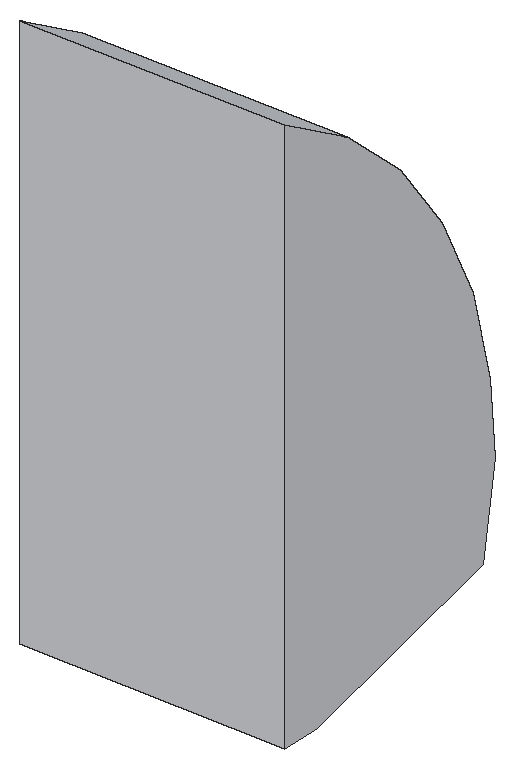
Revit family "DAN DRYER Stainless Design Mini Design 288", category Furniture Systems, host Wall, Revit 2017
Family settings
  Host = Wall
  Round Connector Dimension = Use Diameter
  Part Type = Normal
  Always vertical = Yes
  Cut with Voids When Loaded = No
  Shared = No
  Room Calculation Point = No
Parameters (values of type "Stål")
  Wicth = 200 mm
  URL = "http://www.dandryer.com/Files/Billeder/PDF/Datablade/Nye/Technical%20data%20sheet%20288.pdf"
  Type Image = <None>
  Offset from Floor = 1500 mm
  Model = "Stainless design"
  Manufacturer = "http://www.dandryer.com/"
  Height = 420 mm
  Description = "WARM_AIR HAND DRYER with IR sensor, type TURBO DESIGN, Art. no. 288"
  Cost = 0
Reference planes
  plane 1 "Wall": y = 0
  plane 2 "Center (Left/Right)": x = 125
  plane 3 "Back": y = 75
  plane 4 "Top": z = 1500
  plane 5 "Bund": z = 1080
  plane 6: x = 225
  plane 7: x = 25
Forms (mm)
  Extrusion 1, solid
    sketch origin (125, 0, 0) x (0, 1, 0) y (0, 0, 1)
      loop
        line (75, 1080) -> (105, 1080) -> (261.536, 1121.944) -> (272.262, 1189.663) -> (267.413, 1245.077)
        arc (267.413, 1245.077) -> (204.097, 1397.947) -> (75, 1501.446) r 332.875
        line (75, 1501.446) -> (75, 1080)
    from -100 to 100
  Extrusion 2, void
    sketch origin (125, 105, 1080) x (0, -0.965926, -0.258819) y (1, 0, 0)
      loop
        line (-143.266, 17.086) -> (-143.266, -17.086) -> (-134.723, -17.086) -> (-134.723, 17.086) -> (-143.266, 17.086)
      loop
        line (-25.003, 86.348) -> (-25.003, 79.565) -> (-6.91, 79.565) -> (-6.91, 86.348) -> (-25.003, 86.348)
      loop
        line (-25.003, 3.391) -> (-25.003, -3.391) -> (-6.91, -3.391) -> (-6.91, 3.391) -> (-25.003, 3.391)
      loop
        line (-25.003, 18.391) -> (-25.003, 11.609) -> (-6.91, 11.609) -> (-6.91, 18.391) -> (-25.003, 18.391)
      loop
        line (-25.003, 33.391) -> (-25.003, 26.609) -> (-6.91, 26.609) -> (-6.91, 33.391) -> (-25.003, 33.391)
      loop
        line (-25.003, 48.391) -> (-25.003, 41.609) -> (-6.91, 41.609) -> (-6.91, 48.391) -> (-25.003, 48.391)
      loop
        line (-25.003, -86.348) -> (-6.91, -86.348) -> (-6.91, -79.565) -> (-25.003, -79.565) -> (-25.003, -86.348)
      loop
        line (-25.003, -18.391) -> (-6.91, -18.391) -> (-6.91, -11.609) -> (-25.003, -11.609) -> (-25.003, -18.391)
      loop
        line (-25.003, -33.391) -> (-6.91, -33.391) -> (-6.91, -26.609) -> (-25.003, -26.609) -> (-25.003, -33.391)
      loop
        line (-25.003, -48.391) -> (-6.91, -48.391) -> (-6.91, -41.609) -> (-25.003, -41.609) -> (-25.003, -48.391)
    from 0 to 5
Cuts and joins
  Extrusion 2 cuts Extrusion 1
Text (mm)
  text "Placement Side" at (-1848.837, 1116.779, 0), in view "Ref. Level"
  text "Placement side" at (0, 1409.804, 2854.306), in view "Left"
  text "Placement side" at (0, 499.811, 2980.732), in view "Right"
Dimensions and locks
  locked: plane 3 "Back" to host wall
  "Height": plane 5 "Bund" to plane 4 "Top"
  equal spacing: plane 7, plane 2 "Center (Left/Right)", plane 6
  "Wicth": plane 7 to plane 6
  "Offset from Floor": level to plane 4 "Top"
  aligned and locked: plane 1 "Wall" to host wall
  aligned and locked: Extrusion 1 sketch curve to host wall
  aligned and locked: plane 7 to Extrusion 1
  aligned and locked: Extrusion 1 to plane 6
Automatic sketch dimensions
  Extrusion 1 sketch curve to plane 5 "Bund" = 0 mm
  plane 4 "Top" to Extrusion 1 sketch curve = 1.446 mm
  Extrusion 1 sketch curve to host wall = 12.866 mm
  Extrusion 1 sketch curve to Extrusion 1 sketch curve = 30 mm
  plane 5 "Bund" to Extrusion 1 sketch curve = 41.944 mm
  Extrusion 1 sketch curve to Extrusion 1 sketch curve = 156.536 mm
  Extrusion 1 sketch curve to Extrusion 1 sketch curve = 5.878 mm
  Extrusion 1 sketch curve to Extrusion 1 sketch curve = 4.848 mm
  Extrusion 1 sketch curve to Extrusion 1 sketch curve = 67.719 mm
  Extrusion 1 sketch curve to Extrusion 1 sketch curve = 118.132 mm
  Extrusion 1 to Extrusion 2 sketch curve = 18.792 mm
  Extrusion 2 sketch curve to Extrusion 2 sketch curve = 8.543 mm
  Extrusion 1 to Extrusion 2 sketch curve = 25.003 mm  (x4)
  Extrusion 2 sketch curve to Extrusion 2 sketch curve = 0 mm  (x5)
  Extrusion 1 to Extrusion 2 sketch curve = 6.91 mm  (x9)
  Extrusion 2 sketch curve to Extrusion 1 = 13.652 mm
  Extrusion 2 sketch curve to Extrusion 2 sketch curve = 6.783 mm  (x9)
  Extrusion 2 sketch curve to Extrusion 2 sketch curve = 31.174 mm
  Extrusion 2 sketch curve to Extrusion 2 sketch curve = 8.217 mm  (x6)
  Extrusion 2 sketch curve to Extrusion 1 = 82.914 mm
  Extrusion 2 sketch curve to Extrusion 2 sketch curve = 34.173 mm
  Extrusion 2 sketch curve to Extrusion 1 = 20.435 mm
